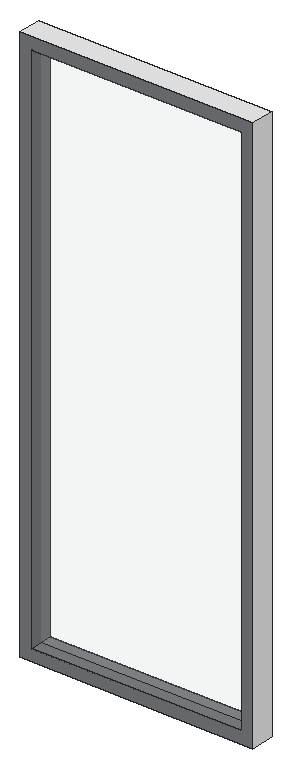
Revit family "ULS –profiili", category Windows, host Wall, Revit 2014
Parameters (values of type "10x24")
  Width_M = Width / 100  # 10 mm
  Transom Y_N [instance] = yes
  Transom Placement = 900 mm
  Top Window Y_N [instance] = not(Normal Window Y_N)  # no
  Window inset [instance] = 0 mm
  Sash Material = Metalli - alumiini, satiini
  Sash Finish [instance] = RAL Classic 7024, matta, ruisku
  Normal Window Y_N [instance] = yes
  Model = "-"
  Manufacturer = "-"
  Keynote = "1349"
  ID = "IKK11"
  Height_M = Height / 100  # 24 mm
  Height = 2400 mm
  Glass Material = Lasi - 1 lasilevy, kirkas
  Frame Thickness = 50 mm
  Frame Material = Metalli - alumiini, satiini
  Frame Finish [instance] = RAL Classic 7024, matta, ruisku
  Frame Depth = 100 mm
  Description = "-"
  Default Sill Height = 0 mm
  Wall Closure = By host
  Width = 1000 mm
  Cost VAT_0 = 0
  Cost = 0
  Assembly Code = ""
  Analytic Construction = "<None>"
Types (13, lengths in mm): name | Width_M | Window inset | ID | Height_M | Height | Frame Depth | Width
  12x21 | 10 | 0 | "IKK11" | 24 | 2400 | 100 | 1000
  3x24 | 3 | 125 | "IKK11" | 24 | 2400 | 100 | 300
  5x24 | 5 | 125 | "IKK11" | 24 | 2400 | 100 | 500
  7x24 | 7 | 125 | "IKK11" | 24 | 2400 | 100 | 700
  10x24 | 10 | 0 | "IKK11" | 24 | 2400 | 100 | 1000
  12x24 | 12 | 125 | "IKK11" | 24 | 2400 | 100 | 1200
  ULS 43 | 43 | 125 | "" | 104 | 10400 | 210 | 4300
  ULS 45.5 3KRS | 45.5 | 125 | "" | 36 | 3600 | 210 | 4550
  ULS 42.5 | 42.5 | 125 | "" | 68 | 6800 | 210 | 4250
  ULS 45.5 | 45.5 | 125 | "" | 104 | 10400 | 210 | 4550
  ULS 43 3KRS | 43 | 125 | "" | 36 | 3600 | 210 | 4300
  ULS 53.5 | 53.5 | 125 | "" | 32 | 3200 | 210 | 5350
  ULS 58 | 58 | 125 | "" | 32 | 3200 | 210 | 5800
Reference planes
  plane 1: y = 0
  plane 2 "Center (Left/Right)": x = 0
  plane 3 "Left": x = -500
  plane 4 "Right": x = 500
  plane 5 "Sill": z = 0
  plane 6 "Head": z = 2400
  plane 7 "Exterior": y = 75
  plane 8 "Interior": y = -75
  plane 9: x = -450
  plane 10: x = 450
  plane 11: z = 50
  plane 12: z = 2350
  plane 13: z = 900
  plane 14: z = 850
  plane 15: y = -25
  plane 16 "Tag": y = 475
Forms (mm)
  Sweep 1, solid, material "Metalli - alumiini, satiini" <- "Frame Material"
    path origin (0, 75, 0) x (1, 0, 0) y (0, 0, 1)
      loop
        line (500, 2400) -> (-500, 2400) -> (-500, 0) -> (500, 0) -> (500, 2400)
    profile origin (500, 75, 1200) x (0, -1, 0) y (1, 0, 0)
      loop
        line (0, 0) -> (0, -50) -> (100, -50) -> (100, 0) -> (0, 0)
  Extrusion 2, solid, material "Lasi - 1 lasilevy, kirkas" <- "Glass Material"
    sketch origin (0, 75, 0) x (1, 0, 0) y (0, 0, 1)
      loop
        line (450, 2350) -> (-450, 2350) -> (-450, 50) -> (450, 50) -> (450, 2350)
    from 0 to 50
Lines and regions (mm)
  Opening 1
    outline origin (3500, -75, 0) x (1, 0, 0) y (0, 0, 1)
      loop
        line (-3000, 0) -> (-3000, 2400) -> (-4000, 2400) -> (-4000, 0) -> (-3000, 0)
  Masking region 1, visible <- "Normal Window Y_N"
    outline origin (0, 0, 0) x (1, 0, 0) y (0, 1, 0)
      loop
        line (-500, 75) -> (-500, -75) -> (500, -75) -> (500, 75) -> (-500, 75)
  Masking region 2, visible <- "Top Window Y_N"
    outline origin (0, 0, 0) x (0, -1, 0) y (1, 0, 0)
      loop
        line (-75, -500) -> (75, -500) -> (75, 500) -> (-75, 500) -> (-75, -500)
Text (mm)
  text "EXTERIOR" at (-1963.203, 1332.353, 0), in view "Ref. Level"
  text "INTERIOR" at (-1981.466, -818.386, 0), in view "Ref. Level"
  text "Exterior" at (0, 923.751, 2943.296), in view "Right"
  text "Exterior" at (0, 1040.484, 2685.409), in view "Left"
Dimensions and locks
  equal spacing: plane 3 "Left", plane 2 "Center (Left/Right)", plane 4 "Right"
  "Width": plane 3 "Left" to plane 4 "Right"
  "Height": plane 5 "Sill" to plane 6 "Head"
  "Default Sill Height": plane 5 "Sill" to level
  locked: plane 7 "Exterior" to host wall at 0
  locked: plane 8 "Interior" to host wall
  "Frame Thickness": plane 5 "Sill" to plane 11
  "Frame Thickness": plane 12 to plane 6 "Head"
  "Frame Thickness": plane 3 "Left" to plane 9
  "Frame Thickness": plane 10 to plane 4 "Right"
  "Frame Thickness": plane 14 to plane 13
  "Transom Placement": level to plane 13
  locked: host wall to plane 15 at 100
  locked: plane 16 "Tag" to plane 7 "Exterior" at 400
  "Window inset": nested 1 to plane 7 "Exterior"
  locked: Extrusion 2 to Extrusion 2 at 50
  locked: Extrusion 2 to nested 1 at 0
  aligned and locked: Extrusion 2 sketch curve to Sweep 1  (x4)
  aligned and locked: Sweep 1 sketch curve to plane 15
  aligned and locked: plane 2 "Center (Left/Right)" to nested 1
  aligned and locked: nested 1 to Sweep 1
  aligned and locked: Masking region 1 sketch curve to plane 3 "Left"
  aligned and locked: plane 4 "Right" to Masking region 1 sketch curve
  aligned and locked: plane 7 "Exterior" to Masking region 1 sketch curve
  aligned and locked: Masking region 1 sketch curve to plane 8 "Interior"
  aligned and locked: Masking region 2 sketch curve to plane 3 "Left"
  aligned and locked: plane 4 "Right" to Masking region 2 sketch curve
  aligned and locked: plane 7 "Exterior" to Masking region 2 sketch curve
  aligned and locked: Masking region 2 sketch curve to plane 8 "Interior"
Automatic sketch dimensions
  Opening 1 sketch curve to plane 3 "Left" = 0 mm
  Opening 1 sketch curve to plane 4 "Right" = 0 mm
  Opening 1 sketch curve to plane 5 "Sill" = 0 mm
  Opening 1 sketch curve to plane 6 "Head" = 0 mm
  Sweep 1 sketch curve to plane 6 "Head" = 0 mm
  Sweep 1 sketch curve to plane 5 "Sill" = 0 mm
  Sweep 1 sketch curve to plane 3 "Left" = 0 mm
  Sweep 1 sketch curve to plane 4 "Right" = 0 mm
  plane 7 "Exterior" to Sweep 1 sketch curve = 0 mm
  Sweep 1 sketch curve to profile plane = 0 mm
  Sweep 1 sketch curve to Sweep 1 sketch curve = 50 mm
Nested families
  nested 1: "2D_sisäikkuna" at (0, 25, 0), type "2D_sisäikkuna"
Definition of nested family "2D_sisäikkuna"
  Parameters (values of type "2D_sisäikkuna")
    Width = 1000 mm
    Top Window Y_N = no
    Normal Window Y_N = yes
    Frame Thickness = 50 mm
    Frame Depth = 100 mm
  Reference planes
    plane 1 "Center (Front/Back)": y = 0
    plane 2: z = 0
    plane 3 "Center (Left/Right)": x = 0
    plane 4: x = -500
    plane 5: x = 500
    plane 6: y = -50
    plane 7: y = 50
    plane 8: x = -450
    plane 9: x = 450
  Lines and regions (mm)
    detail lines, style "Ikkuna_ehjä_viiva", in view "Ref. Level", visible <- "Normal Window Y_N"
      curve 1: line (-500, 50, 0) -> (500, 50, 0)
      curve 2: line (-500, -50, 0) -> (500, -50, 0)
      curve 3: line (450, 50, 0) -> (450, -50, 0)
      curve 4: line (-450, 50, 0) -> (-450, -50, 0)
      curve 10: line (-450, 0, 0) -> (450, 0, 0)
    detail lines, style "Ikkuna_pistekatko", in view "Ref. Level"
      curve 5: line (-500, 50, 0) -> (500, 50, 0)
      curve 6: line (-500, -50, 0) -> (500, -50, 0)
      curve 7: line (450, 50, 0) -> (450, -50, 0)
      curve 8: line (-450, 50, 0) -> (-450, -50, 0)
    detail lines, style "Ikkuna_pistekatko", in view "Ref. Level", visible <- "Top Window Y_N"
      curve 9: line (-450, 0, 0) -> (450, 0, 0)
  Dimensions and locks
    equal spacing: plane 7, plane 1 "Center (Front/Back)", plane 6
    locked: plane 7 to plane 6 at 100
    equal spacing: plane 4, plane 3 "Center (Left/Right)", plane 5
    "Width": plane 4 to plane 5
    "Frame Thickness": plane 4 to plane 8
    "Frame Thickness": plane 9 to plane 5
    aligned and locked: curve 4 to plane 8
    aligned and locked: plane 9 to curve 3
    aligned and locked: plane 5 to curve 1
    aligned and locked: plane 4 to curve 1
    aligned and locked: plane 4 to curve 2
    aligned and locked: plane 5 to curve 2
    aligned and locked: curve 2 to plane 6
    aligned and locked: plane 4 to curve 5
    aligned and locked: plane 4 to curve 6
    aligned and locked: plane 5 to curve 5
    aligned and locked: plane 5 to curve 6
    aligned and locked: curve 8 to plane 8
    aligned and locked: plane 9 to curve 7
    aligned and locked: curve 6 to plane 6
    aligned and locked: curve 5 to plane 7
    aligned and locked: plane 1 "Center (Front/Back)" to curve 9
    aligned and locked: plane 1 "Center (Front/Back)" to curve 10
    aligned and locked: plane 8 to curve 10
    aligned and locked: plane 9 to curve 10
  Automatic sketch dimensions
    curve 4 to plane 7 = 0 mm
